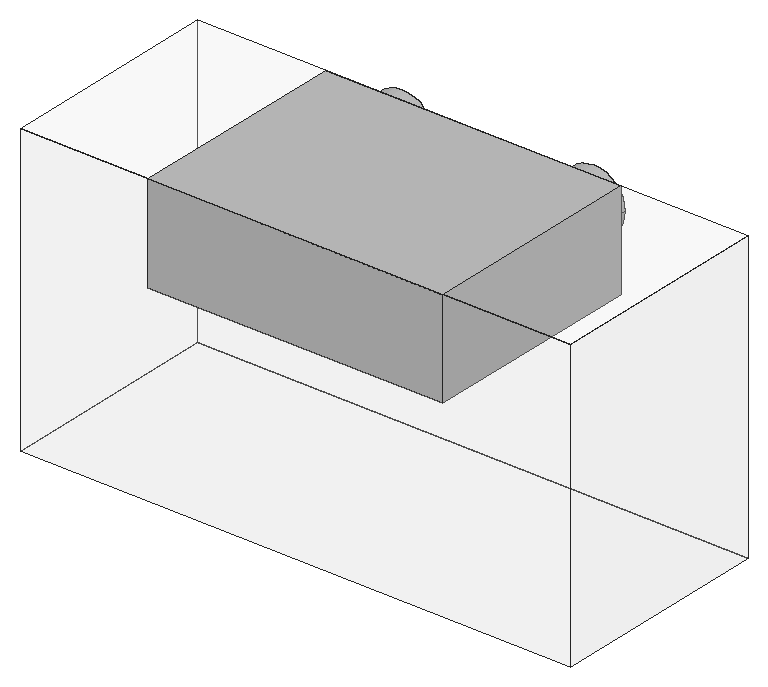
Revit family "sku-40_50exc-b_60Hz", category 機械設備, Revit 2019
Family settings
  丸型コネクタ寸法 = 直径を使用
  パーツ タイプ = 標準
  OmniClass 番号 = 23.75.10.34.21
  OmniClass タイトル = Heat Exchangers for Ventilation Air
  作業面ベース = いいえ
  常に垂直 = はい
  ロード時にボイドで切り取り = いいえ
  共有 = いいえ
  部屋計算ポイント = はい
Parameters (values of type "SKU-40EXC-B")
  騒音レベル(dB(A)) = 39
  風量 = 400.0 m³/h
  面風速 = 3.54 m/s
  電源種別 [instance] = "一般"
  電圧 = 100 V
  電動機出力 = 0 W
  集中コントローラ = ""
  運転質量 = 0.00 kg
  連動 [instance] = ""
  質量 = if(製品質量 > 運転質量, 製品質量, 運転質量) * 1.2  # 34.80 kg
  負荷分類 = 3_ファン類
  説明 = "店舗用ロスナイ 天吊露出形"
  設計風量 = 0.0 m³/h
  設置方法 = "天吊露出形"
  記号 [instance] = ""
  製造元 = "三菱電機株式会社"
  製品質量 = 29.00 kg
  製品出荷対象 = "国内"
  製品リリース年月 = "2021/4/1"
  製品グループ = ""
  系統 [instance] = ""
  符号 = "HEU"
  積算_科目 = "1 空気調和設備"
  積算_拾い区分 [instance] = ""
  相 = 1
  盤記号 [instance] = ""
  発停方法 [instance] = "別売リモコン"
  特殊仕様 [instance] = ""
  火災停止 [instance] = ""
  温度交換効率 = 60.00%
  消費電力 = 159 W
  法定耐用年数 = "15"
  機外静圧_排気 = 40.0 Pa
  機外静圧 = 40.0 Pa
  極数 = 2
  材質 [instance] = ""
  本体マテリアル = none
  操作・制御方式 = ""
  操作・制御スイッチ = ""
  排気量 = 0.0 m³/h
  形式 = "天吊露出形"
  幹線記号 [instance] = ""
  対象室 [instance] = ""
  実風量 = 0.0 m³/h
  始動方式 [instance] = "直入"
  外気量 = 0.0 m³/h
  呼称 = "全熱交換ユニット"
  周波数 = 60 Hz
  天吊金具ピッチ2 = 495 mm
  天吊金具ピッチ1 = 845 mm
  天吊金具_D = 68 mm
  参照している仕様書等のバージョン = ""
  初期抵抗 = 0.0 Pa
  分類コード = "50052504100060"
  分類グループ = ""
  価格 = 428000
  企業コード = "108420"
  付属品_フィルター_還気 = ""
  付属品_フィルター = ""
  付属品 [instance] = ""
  仕様書バージョン = "Version1.0"
  モデル = "SKU-40EXC-B"
  メンテナンススペース = yes
  コメント [instance] = ""
  Keynote = ""
  エンタルピ交換効率_暖房 = 45.00%
  エンタルピ交換効率_冷房 = 40.00%
  Assembly Code = ""
  Width = 922 mm
  Version = ""
  Uniclass2015Version = "Systems v1.9"
  Uniclass2015Title = "Thermal wheels"
  Uniclass2015Code = "Pr_60_60_36_88"
  URL = "https://www.mitsubishielectric.co.jp/ldg/wink/ssl/displayProduct.do?pid=311789"
  SpecificationReference = ""
  SpecificationDescription = ""
  MID風量 = 200.0 m³/h
  MID静圧 = 10.0 Pa
  Duct_W = 150 mm
  SAサイズ_D = 0 mm
  Revision = ""
  RAサイズ_D = 0 mm
  ProductInformation = ""
  OmniClassCode = "23-27 23 19 11"
  OAサイズ_W = 0 mm
  OAサイズ_D = 192 mm
  MIN風量 = 155.0 m³/h
  MIN静圧 = 6.0 Pa
  MAX風量 = 400.0 m³/h
  MAX静圧 = 40.0 Pa
  IfcTypeProduct = ""
  IfcProduct = ""
  IfcExportType = "ROTARYWHEEL"
  IfcExportAs = "IfcAirToAirHeatRecoveryType"
  Height = 304 mm
  EAサイズ_W = 0 mm
  EAサイズ_D = 192 mm
  Duct_Pitch = 600 mm
  Duct_Height = 127.5 mm
  Duct_Depth = 85 mm
  Depth = 693 mm
  Clearance Top = 0 mm
  Clearance Left = 400 mm
  Clearance Right = 400 mm
  Clearance Bottom = 600 mm
  Author = "三菱電機株式会社"
Types (2, lengths in mm): name | 騒音レベル(dB(A)) | 風量 | 面風速 | 質量 | 製品質量 | 温度交換効率 | 消費電力 | 機外静圧_排気 | 機外静圧 | 天吊金具ピッチ2 | 価格 | モデル | エンタルピ交換効率_暖房 | エンタルピ交換効率_冷房 | URL | MID風量 | MID静圧 | MIN静圧 | MAX風量 | MAX静圧 | Height | Duct_Height | Depth
  SKU-40EXC-B | 39 | 400.0 m³/h | 3.54 m/s | 34.80 kg | 29.00 kg | 60.00% | 159 W | 40.0 Pa | 40.0 Pa | 495 | 428000 | "SKU-40EXC-B" | 45.00% | 40.00% | "https://www.mitsubishielectric.co.jp/ldg/wink/ssl/displayProduct.do?pid=311789" | 200.0 m³/h | 10.0 Pa | 6.0 Pa | 400.0 m³/h | 40.0 Pa | 304 | 127.5 | 693
  SKU-50EXC-B | 39.5 | 500.0 m³/h | 4.42 m/s | 45.60 kg | 38.00 kg | 74.00% | 227 W | 60.0 Pa | 60.0 Pa | 710 | 507000 | "SKU-50EXC-B" | 62.00% | 58.00% | "https://www.mitsubishielectric.co.jp/ldg/wink/ssl/displayProduct.do?pid=311790" | 300.0 m³/h | 22.0 Pa | 5.8 Pa | 500.0 m³/h | 60.0 Pa | 338 | 135 | 900
Reference planes
  plane 1 "中心(正面/背面)": y = 0
  plane 2: z = 0
  plane 3 "中心(左/右)": x = 0
  plane 4: x = -461
  plane 5: x = 461
  plane 6: y = 346.5
  plane 7: y = -346.5
  plane 8: z = -304
  plane 9: z = -127.5
  plane 10: x = -289
  plane 11: x = 311
  plane 12: x = -861
  plane 13: x = -422.5
  plane 14: x = 422.5
  plane 15: y = 278.5
  plane 16: y = -216.5
  plane 17: x = -390.5
  plane 18: x = 390.5
  plane 19: y = 431.5
  plane 20: x = 861
  plane 21: z = 0
  plane 22: z = -904
Forms (mm)
  Extrusion 1, solid, material <- "本体マテリアル", detail levels fine
    sketch origin (0, 0, 0) x (1, 0, 0) y (0, 1, 0)
      loop
        line (-461, 346.5) -> (-461, -346.5) -> (461, -346.5) -> (461, 346.5) -> (-461, 346.5)
    from 0 to -304
  Extrusion 2, solid, material <- "本体マテリアル", detail levels fine
    sketch origin (510, -445, 0) x (-1, 0, 0) y (0, 0, -1)
      loop
        circle (199, 127.5) r 96
    from -791.5 to -876.5
  Extrusion 3, solid, material <- "本体マテリアル", detail levels fine
    sketch origin (-510, -445, 0) x (1, 0, 0) y (0, 0, 1)
      loop
        circle (221, -127.5) r 96
    from -791.5 to -876.5
Lines and regions (mm)
  Masking region 1, detail levels coarse+medium
    outline origin (1326.5, 29, 0) x (1, 0, 0) y (0, 1, 0)
      loop
        line (-1787.5, 317.5) -> (-1787.5, -375.5) -> (-865.5, -375.5) -> (-865.5, 317.5) -> (-1787.5, 317.5)
  symbolic lines, detail levels coarse+medium
    curve 1: line (0, 346.5, 0) -> (-461, 0, 0)
    curve 2: line (-461, 0, 0) -> (0, -346.5, 0)
    curve 3: line (0, -346.5, 0) -> (461, 0, 0)
    curve 4: line (461, 0, 0) -> (0, 346.5, 0)
Dimensions and locks
  equal spacing: plane 4, plane 3 "中心(左/右)", plane 5
  "Width": plane 4 to plane 5
  equal spacing: plane 6, plane 1 "中心(正面/背面)", plane 7
  "Depth": plane 6 to plane 7
  "Height": level to plane 8
  "Duct_Height": level to plane 9
  "Duct_Pitch": plane 11 to plane 10
  "Clearance Left": plane 12 to plane 4
  equal spacing: plane 13, plane 3 "中心(左/右)", plane 14
  "天吊金具ピッチ1": plane 13 to plane 14
  "天吊金具ピッチ2": plane 15 to plane 16
  "Duct_W": plane 5 to plane 11
  "天吊金具_D": plane 6 to plane 15
  "Clearance Right": plane 5 to plane 20
  "Clearance Top": level to plane 21
  "Duct_Depth": plane 6 to plane 19
  "Clearance Bottom": plane 8 to plane 22
  "OAサイズ_D": diameter of Extrusion 2 sketch curve
  "EAサイズ_D": diameter of Extrusion 3 sketch curve
  aligned and locked: level to plane 2
  aligned and locked: Extrusion 1 to plane 8
  aligned and locked: Masking region 1 to plane 4
  aligned and locked: plane 5 to Masking region 1
  aligned and locked: plane 6 to Masking region 1
  aligned and locked: Masking region 1 to plane 7
  aligned and locked: plane 14 to nested 1
  aligned and locked: plane 13 to nested 1
  aligned and locked: nested 1 to plane 16
  aligned and locked: plane 15 to nested 1
  aligned and locked: Extrusion 3 to plane 19
  aligned and locked: Extrusion 3 to plane 6
  aligned and locked: Extrusion 2 to Extrusion 3
  aligned and locked: Extrusion 2 to plane 6
  aligned and locked: plane 20 to nested 2
  aligned and locked: plane 12 to nested 2
  aligned and locked: nested 2 to plane 6
  aligned and locked: nested 2 to plane 7
  aligned and locked: nested 2 to plane 22
  aligned and locked: plane 21 to nested 2
Automatic sketch dimensions
  plane 1 "中心(正面/背面)" to curve 1 = 0 mm
  curve 1 to plane 4 = 0 mm
  curve 2 to plane 3 "中心(左/右)" = 0 mm
  curve 4 to plane 3 "中心(左/右)" = 0 mm
  plane 1 "中心(正面/背面)" to curve 4 = 0 mm
  curve 4 to plane 5 = 0 mm
  curve 2 to plane 7 = 0 mm
  curve 4 to plane 6 = 0 mm
  Extrusion 1 sketch curve to plane 4 = 0 mm
  Extrusion 1 sketch curve to plane 5 = 0 mm
  Extrusion 1 sketch curve to plane 7 = 0 mm
  Extrusion 1 sketch curve to plane 6 = 0 mm
  Extrusion 2 sketch curve to plane 9 = 0 mm
  Extrusion 2 sketch curve to plane 11 = 0 mm
  Masking region 1 sketch curve to plane 4 = 0 mm
  Masking region 1 sketch curve to plane 5 = 0 mm
  Masking region 1 sketch curve to plane 7 = 0 mm
  Masking region 1 sketch curve to plane 6 = 0 mm
  Extrusion 3 sketch curve to plane 9 = 0 mm
  Extrusion 3 sketch curve to plane 10 = 0 mm
Nested families
  nested 1: "固定点" at (-422.5, -216.5, 0), type "固定点"
    with W 845 mm, D 495 mm
  nested 2: "メンテナンススペース" at (0, 0, -452), visible <- "メンテナンススペース", type "メンテナンススペース"
    with Width 1722 mm, Height 904 mm, Depth 693 mm
Connectors
  hvac at (311, 431.5, -127.5), driven by "OAサイズ_D", driven by "機外静圧", driven by "風量"
    settings: on Extrusion 2, index 2, duct flow 400.0 m³/h, flow factor 0, pres drop 40.0 Pa, loss coef 0, conn angle 0.00°, conn width 304.8 mm, conn height 304.8 mm, conn diameter 192 mm, duct sys type 4, conn prof type 0, flow config 0, flow direction 1, loss method 4, conn ref index -1, conn util no, is conn primary yes, conn desc ""
  hvac at (-289, 431.5, -127.5), driven by "EAサイズ_D", driven by "風量", driven by "機外静圧"
    settings: on Extrusion 3, index 10, duct flow 400.0 m³/h, flow factor 0, pres drop 40.0 Pa, loss coef 0, conn angle 0.00°, conn width 304.8 mm, conn height 304.8 mm, conn diameter 192 mm, duct sys type 3, conn prof type 0, flow config 0, flow direction 2, loss method 4, conn ref index -1, conn util no, is conn primary no, conn desc ""
  electrical at (0, 0, -304), driven by "極数", driven by "負荷分類", driven by "電圧", driven by "消費電力"
    settings: on Extrusion 1, index 12, voltage 100 V, apparent load 159 VA, apparent load phase1 0 VA, apparent load phase2 0 VA, apparent load phase3 0 VA, power factor 1, load classification "3_ファン類", number of poles 2, system type 30, power factor state 1, is connector primary yes, connector utility no, sub classification motor no, connector description ""
Definition of nested family "メンテナンススペース"
  Parameters (values of type "メンテナンススペース")
    Width [instance] = 500 mm
    Height [instance] = 500 mm
    Depth [instance] = 500 mm
  Reference planes
    plane 1 "中心(正面/背面)": y = 0
    plane 2: z = 0
    plane 3 "中心(左/右)": x = 0
    plane 4: y = -250
    plane 5: x = 250
    plane 6: y = 250
    plane 7: x = -250
    plane 8: z = 250
    plane 9: z = -250
  Forms (mm)
    Extrusion 1, solid
      sketch origin (-638.939, 0, 72.39) x (1, 0, 0) y (0, 1, 0)
        loop
          line (388.939, 250) -> (388.939, -250) -> (888.939, -250) -> (888.939, 250) -> (388.939, 250)
      from -322.39 to 177.61
  Lines and regions (mm)
    symbolic lines
      curve 1: line (-250, 0, 250) -> (250, 0, 250)
      curve 2: line (-250, 0, -250) -> (-250, 0, 250)
      curve 3: line (250, 0, -250) -> (-250, 0, -250)
      curve 4: line (250, 0, 250) -> (250, 0, -250)
      curve 5: line (0, -250, 250) -> (0, 250, 250)
      curve 6: line (0, -250, -250) -> (0, -250, 250)
      curve 7: line (0, 250, -250) -> (0, -250, -250)
      curve 8: line (0, 250, 250) -> (0, 250, -250)
      curve 9: line (-250, 250, 0) -> (250, 250, 0)
      curve 10: line (-250, -250, 0) -> (-250, 250, 0)
      curve 11: line (250, -250, 0) -> (-250, -250, 0)
      curve 12: line (250, 250, 0) -> (250, -250, 0)
  Dimensions and locks
    equal spacing: plane 7, plane 3 "中心(左/右)", plane 5
    equal spacing: plane 4, plane 1 "中心(正面/背面)", plane 6
    "Depth": plane 4 to plane 6
    "Width": plane 7 to plane 5
    equal spacing: plane 8, plane 2, plane 9
    "Height": plane 8 to plane 9
    aligned and locked: plane 9 to curve 3
    aligned and locked: plane 7 to curve 2
    aligned and locked: curve 4 to plane 5
    aligned and locked: plane 5 to Extrusion 1
    aligned and locked: Extrusion 1 to plane 7
    aligned and locked: Extrusion 1 to plane 9
    aligned and locked: plane 8 to Extrusion 1
    aligned and locked: plane 9 to curve 7
  Automatic sketch dimensions
    plane 4 to Extrusion 1 sketch curve = 0 mm
    Extrusion 1 sketch curve to plane 7 = 0 mm
    Extrusion 1 sketch curve to plane 5 = 0 mm
    plane 6 to Extrusion 1 sketch curve = 0 mm
    curve 2 to plane 8 = 0 mm
    plane 4 to curve 11 = 0 mm
    curve 11 to plane 7 = 0 mm
    curve 11 to plane 5 = 0 mm
    plane 6 to curve 10 = 0 mm
    curve 7 to plane 4 = 0 mm
    curve 7 to plane 6 = 0 mm
    curve 6 to plane 8 = 0 mm
Definition of nested family "固定点"
  Parameters (values of type "固定点")
    中心円 = 20 mm
    W [instance] = 1000 mm
    D [instance] = 1000 mm
  Reference planes
    plane 1 "中心(正面/背面)": y = 0
    plane 2: z = 0
    plane 3 "中心(左/右)": x = 0
    plane 4: x = 1000
    plane 5: y = 1000
  Lines and regions (mm)
    symbolic lines, detail levels fine
      curve 1: circle (0, 1000, 0) r 10 normal (0, 0, 1)
      curve 2: circle (0, 0, 0) r 10 normal (0, 0, 1)
      curve 3: circle (1000, 1000, 0) r 10 normal (0, 0, 1)
      curve 4: circle (1000, 0, 0) r 10 normal (0, 0, 1)
      curve 5: line (-200, 1000, 0) -> (1200, 1000, 0)
      curve 6: line (-200, 0, 0) -> (1200, 0, 0)
      curve 7: line (0, 1200, 0) -> (0, -200, 0)
      curve 8: line (1000, 1200, 0) -> (1000, -200, 0)
  Dimensions and locks
    "W": plane 3 "中心(左/右)" to plane 4
    "D": plane 1 "中心(正面/背面)" to plane 5
    "中心円": diameter of curve 1
    "中心円": diameter of curve 2
    "中心円": diameter of curve 3
    "中心円": diameter of curve 4
    aligned and locked: level to plane 2
    aligned and locked: plane 5 to curve 1
    aligned and locked: plane 3 "中心(左/右)" to curve 1
    aligned and locked: plane 3 "中心(左/右)" to curve 2
    aligned and locked: plane 1 "中心(正面/背面)" to curve 2
    aligned and locked: plane 4 to curve 3
    aligned and locked: plane 5 to curve 3
    aligned and locked: plane 1 "中心(正面/背面)" to curve 4
    aligned and locked: plane 4 to curve 4
    aligned and locked: plane 1 "中心(正面/背面)" to curve 6
    aligned and locked: curve 7 to plane 3 "中心(左/右)"
    aligned and locked: curve 8 to plane 4
  Automatic sketch dimensions
    curve 5 to plane 5 = 0 mm
    curve 6 to plane 3 "中心(左/右)" = 200 mm
    curve 5 to plane 3 "中心(左/右)" = 200 mm
    curve 4 to curve 6 = 200 mm
    curve 3 to curve 5 = 200 mm
    plane 1 "中心(正面/背面)" to curve 8 = 200 mm
    plane 1 "中心(正面/背面)" to curve 7 = 200 mm
    curve 3 to curve 8 = 200 mm
    curve 1 to curve 7 = 200 mm
